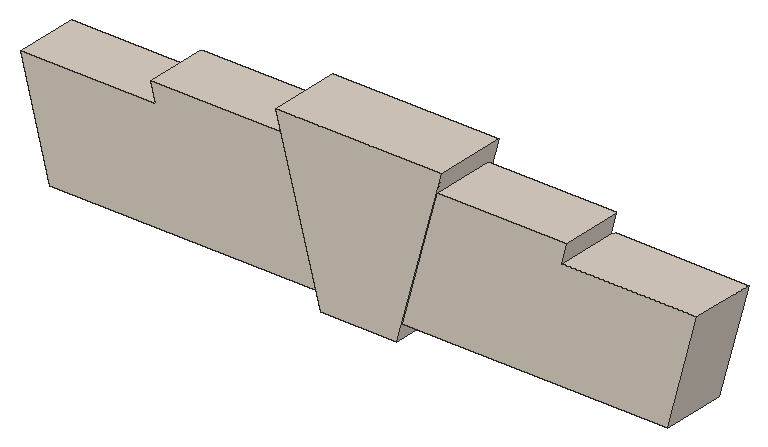
Revit family
Parameters (values of type "125 x 215mm Deep")
  Opening Width [instance] = 910.0 mm
  Keynote = "F"
  Key Stone Angle = 75.00°
  Head Stone Width = 150.0 mm
  Head Stone Offset from Ext = 40.0 mm
  Keystone Height = 325.0 mm
  Keystone Head Above Lintol = 75.0 mm
  Cill/Lintol Offset from Ext = 25.0 mm
  Material Lintol = Masonry - Stone Cill
  Height to U/S Lintol [instance] = 2110.0 mm
  Cill/Lintol Width = 125.0 mm
  Cill/Lintol Length [instance] = Opening Width + 2 * (Cill Lintol Bearing)  # 1210.0 mm
  Cill/Lintol Depth = 215.0 mm
  Cill Lintol Bearing = 150.0 mm
Reference planes
  plane 1 "Wall": y = -11.298
  plane 2 "Center (Left/Right)": x = 161.814
  plane 3 "Back": y = 138.702
  plane 4 "U/S Lintol": z = 2325
  plane 5: x = 616.814
  plane 6: x = -293.186
  plane 7: x = 766.814
  plane 8: x = -443.186
  plane 9: y = 163.702
  plane 10: y = 38.702
  plane 11: z = 2110
  plane 12: z = 2400
  plane 13: z = 2075
  plane 14: y = 178.702
  plane 15: x = 236.814
  plane 16: x = 86.814
  plane 17: x = 236.814
  plane 18: x = 86.814
  plane 19: x = 501.814
  plane 20: x = -178.186
  plane 21: z = 2362.5
Forms (mm)
  Extrusion 1, void
    sketch origin (0, 138.702, 0) x (-1, 0, 0) y (0, 0, 1)
      loop
        line (-824.424, 2325) -> (-766.814, 2110) -> (443.186, 2110) -> (500.795, 2325) -> (235.795, 2325) -> (245.843, 2362.5) -> (-569.472, 2362.5) -> (-559.424, 2325) -> (-824.424, 2325)
    from 0 to -100
  Extrusion 2, solid, material "Masonry - Stone Cill" <- "Material Lintol"
    sketch origin (0, 138.702, 0) x (1, 0, 0) y (0, 0, 1)
      loop
        line (824.424, 2325) -> (559.424, 2325) -> (569.472, 2362.5) -> (-245.843, 2362.5) -> (-235.795, 2325) -> (-500.795, 2325) -> (-443.186, 2110) -> (766.814, 2110) -> (824.424, 2325)
    from -25 to 100
  Extrusion 3, solid, material "Masonry - Stone Cill" <- "Material Lintol"
    sketch origin (472.054, 178.702, 0) x (0, 0, 1) y (1, 0, 0)
      loop
        line (2075, -385.24) -> (2400, -472.323) -> (2400, -148.156) -> (2075, -235.24) -> (2075, -385.24)
    from -140 to 0
  Sweep 4, void
    path origin (472.054, 163.702, 0) x (0, 0, 1) y (1, 0, 0)
      loop
        line (2400, 107.466) -> (2075, 20.382)
    profile origin (535.978, 163.702, 2237.5) x (-0.965926, 0, 0.258819) y (0, 1, 0)
      loop
        line (5, 0) -> (-5, 0) -> (0, -5) -> (5, 0)
  Sweep 5, void
    path origin (472.054, 163.702, 0) x (0, 0, 1) y (1, 0, 0)
      loop
        line (2075.995, -641.128) -> (2385.091, -723.95)
    profile origin (-210.485, 163.702, 2230.543) x (0.965926, 0, 0.258819) y (0, 1, 0)
      loop
        line (5, 0) -> (-5, 0) -> (0, -5) -> (5, 0)
Cuts and joins
  Sweep 4, Sweep 5 cuts Extrusion 2
  Sweep 4, Sweep 5 cuts Extrusion 3
Lines and regions (mm)
  symbolic lines, style "Window Lintols"
    curve 1: line (0, 178.702, 2075) -> (0, 178.702, 2400)
    curve 2: line (0, 178.702, 2400) -> (0, 138.702, 2400)
    curve 3: line (0, 163.702, 2075) -> (0, 178.702, 2075)
    curve 4: line (501.814, 0, 2110) -> (559.424, 0, 2325)
    curve 5: line (-178.186, 0, 2110) -> (-235.795, 0, 2325)
Text (mm)
  text "Placement side" at (-1848.837, 1116.779, 0), in view "Ref. Level"
  text "Placement side" at (0, 1409.804, 2854.306), in view "Left"
  text "Placement side" at (0, 499.811, 2980.732), in view "Right"
Dimensions and locks
  locked: plane 3 "Back" to host wall
  equal spacing: plane 5, plane 2 "Center (Left/Right)", plane 6
  "Opening Width": plane 5 to plane 6
  "Cill Lintol Bearing": plane 7 to plane 5
  "Cill Lintol Bearing": plane 6 to plane 8
  "Cill/Lintol Offset from Ext": plane 3 "Back" to plane 9
  "Cill/Lintol Width": plane 10 to plane 9
  "Cill/Lintol Depth": plane 11 to plane 4 "U/S Lintol"
  "Height to U/S Lintol": level to plane 11
  "Keystone Head Above Lintol": plane 4 "U/S Lintol" to plane 12
  "Keystone Height": plane 13 to plane 12
  "Head Stone Offset from Ext": plane 3 "Back" to plane 14
  equal spacing: plane 15, plane 2 "Center (Left/Right)", plane 16
  "Head Stone Width": plane 15 to plane 16
  equal spacing: plane 7, plane 19, plane 17
  equal spacing: plane 8, plane 20, plane 18
  equal spacing: plane 4 "U/S Lintol", plane 21, plane 12
  locked: Sweep 4 sketch curve to plane 11 at 35
  locked: cut or joined group of Extrusion 2, Sweep 4, Sweep 5 to Sweep 4 sketch curve at 37.5
  cut or joined group of Extrusion 2, Sweep 4, Sweep 5 to Sweep 5 sketch curve = 22.591 mm
  Sweep 5 sketch curve to plane 11 = 34.005 mm
  "Key Stone Angle": angle Extrusion 3 sketch curve to Extrusion 3 sketch curve
  "Key Stone Angle": angle plane 13 to Extrusion 3 sketch curve
  "Key Stone Angle": angle Extrusion 2 sketch curve to plane 11
  "Key Stone Angle": angle plane 11 to Extrusion 2 sketch curve
  "Key Stone Angle": angle curve 4 to plane 11
  "Key Stone Angle": angle plane 11 to curve 5
  aligned and locked: plane 1 "Wall" to host wall
  aligned and locked: Extrusion 1 to plane 10
  aligned and locked: host wall to Extrusion 1
  aligned and locked: plane 9 to Extrusion 2
  aligned and locked: Extrusion 2 to plane 10
  aligned and locked: plane 12 to Extrusion 3 sketch curve
  aligned and locked: Extrusion 3 sketch curve to plane 13
  aligned and locked: Extrusion 3 to plane 10
  aligned and locked: plane 14 to Extrusion 3
  aligned and locked: curve 1 to Extrusion 3
  aligned and locked: curve 2 to Extrusion 3
  aligned and locked: Extrusion 3 to curve 3
  aligned and locked: plane 17 to Extrusion 3
  aligned and locked: plane 18 to Extrusion 3
  aligned and locked: Extrusion 2 sketch curve to Extrusion 2 sketch curve
  aligned and locked: plane 11 to curve 5
  aligned and locked: plane 4 "U/S Lintol" to curve 4
  aligned and locked: plane 4 "U/S Lintol" to curve 5
  aligned and locked: curve 4 to Extrusion 2 sketch curve
  aligned and locked: curve 5 to Extrusion 2 sketch curve
  aligned and locked: Extrusion 1 sketch curve to Extrusion 2  (x3)
  aligned and locked: curve 4 to Extrusion 1 sketch curve
  aligned and locked: curve 5 to Extrusion 1 sketch curve
  aligned and locked: Sweep 4 sketch curve to cut or joined group of Extrusion 2, Sweep 4, Sweep 5
  aligned and locked: Sweep 5 sketch curve to curve 5
Automatic sketch dimensions
  Extrusion 3 sketch curve to plane 16 = 0.0 mm
  Extrusion 3 sketch curve to plane 15 = 0.0 mm
  curve 2 to host wall = 0.0 mm
  curve 3 to plane 9 = 0.0 mm
  Extrusion 2 sketch curve to plane 4 "U/S Lintol" = 0.0 mm
  Extrusion 2 sketch curve to plane 8 = 0.0 mm
  Extrusion 2 sketch curve to plane 21 = 0.0 mm
  Extrusion 2 sketch curve to plane 7 = 0.0 mm
  Extrusion 2 sketch curve to plane 11 = 0.0 mm
  curve 4 to plane 11 = 0.0 mm
  curve 5 to plane 20 = 0.0 mm
  curve 4 to plane 19 = 0.0 mm
  Extrusion 1 sketch curve to plane 4 "U/S Lintol" = 0.0 mm  (x2)
  Extrusion 1 sketch curve to plane 7 = 0.0 mm
  Sweep 4 sketch curve to profile plane = 0.0 mm
  Sweep 4 sketch curve to plane 9 = 0.0 mm
  profile plane to Sweep 4 sketch curve = 5.0 mm
  Sweep 4 sketch curve to Sweep 4 sketch curve = 5.0 mm
  Sweep 5 sketch curve to profile plane = 0.0 mm
  Sweep 5 sketch curve to profile plane = 5.0 mm
  Sweep 5 sketch curve to plane 9 = 0.0 mm
  Sweep 5 sketch curve to Sweep 5 sketch curve = 10.0 mm
